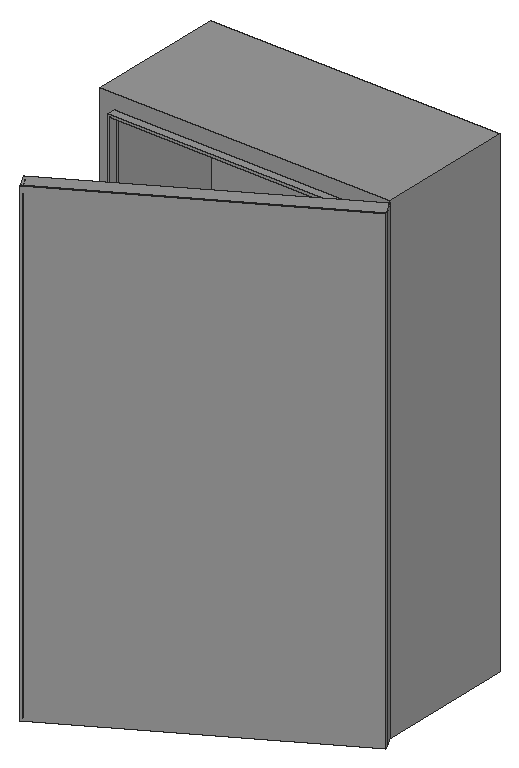
Revit family "Hager-Univers-IP44-D161-3rows-Cl.II-FWB_encl_empty-NoHosted-DE-de", category Equipement électrique, Revit 2020
Family settings
  Configuration du panneau = Deux colonnes, circuits au sein
  Cote de connecteur circulaire = Utiliser le diamètre
  Type d'élément = Tableau de raccordement
  Basée sur le plan de construction = Oui
  Toujours verticalement = Oui
  Couper avec des vides une fois chargée = Non
  Partagée = Non
  Point de calcul de pièce = Non
Parameters (values of type "Aufputz IP44 B300 H500 T161  - FWB31D")
  Width Control [instance] = if([EF000008 - Breite] > Min Width, [EF000008 - Breite], Min Width)  # 300 mm
  Commentaires du type = [HG000003 - Bereich]  # "Univers"
  Thickness Door [instance] = if([EF009171 - Materialstärke Tür/Deckel] > 3 mm, 3 mm, [EF009171 - Materialstärke Tür/Deckel])  # 2 mm
  Seal Frame Offset [instance] = 17 mm  # constant formula
  Plinth Visibility [instance] = [HG000027 - Sockelhöhe] > 0 mm  # no
  Min Width [instance] = 100 mm  # constant formula
  Min Depth [instance] = (2 * [EF009170 - Materialstärke Gehäuse]) + 1 mm  # 5 mm
  Min Height [instance] = 100 mm  # constant formula
  Internal Frame Depth [instance] = (Door System Depth * 0.5)  # 9 mm
  Panel Name [instance] = ""  # (empty or 0)
  Model = ""
  HG000027 - Sockelhöhe = 0 mm
  HG000026 - Stehend auf dem Boden = no
  HG000024 - Höhe des unteren Teils = 600 mm
  HG000023 - Gehäuse mit doppeltem Querschnitt = no
  HG000016 - 3D-Türsichtbarkeit [instance] = yes
  HG000015 - Sichtbarkeit der Türöffnung [instance] = no
  HG000014 - Tür rechts [instance] = yes
  HG000013 - Tür links [instance] = not([HG000014 - Tür rechts])  # no
  HG000012 - Türschwenkwinkel [instance] = 30.00°
  HG000010 - Asymmetrische Türen = no
  HG000009 - Doppelflügeligen Tür = no
  HG000006 - Unterputz = no
  HG000004 - Herstellerreferenz = "FWB31D"
  HG000003 - Bereich = "Univers"
  HG000002 - Mit tür = yes
  Frame Offset Bottom [instance] = 10 mm  # constant formula
  Frame Offset [instance] = 15 mm  # constant formula
  EF015940 - Deckel mit Überdruckentlastung = no
  EF011959 - Schutzart (NEMA) = ""
  EF009554 - Anzahl der Öffnungen für Flanschplatten = 2
  EF009212 - Ausführung Deckel = "EV000116 - geschlossen"
  EF009171 - Materialstärke Tür/Deckel = 2 mm
  EF009170 - Materialstärke Gehäuse = 2 mm
  EF008873 - Nennstrom (In) = 125 A
  EF007800 - Geeignet für Blitzschutz = no
  EF006306 - Mit Schloss = no
  EF006244 - Transparenter Deckel/Tür = no
  EF005474 - Schutzart (IP) = "EV006418 - IP44"
  EF004464 - Art der Tür = "EV002646 - Einzel"
  EF004427 - Anzahl der Module = 36
  EF004293 - Schlagfestigkeit = "EV006815 - IK09"
  EF003532 - Geeignet für Außengebrauch = no
  EF002950 - Breite in Teilungseinheiten = 12
  EF001613 - Funktionserhalt = "EV000494 - ohne"
  EF001596 - Werkstoff des Gehäuses = "EV000179 - Stahl"
  EF001131 - Innentiefe = 156 mm
  EF001088 - Anbaumöglichkeit = yes
  EF000437 - Anzahl der Leitungseinführungen = 4
  EF000339 - Art der Abdeckung = "EV004216 - Tür"
  EF000266 - Anzahl der Reihen = 0
  EF000218 - Einbautiefe = 0 mm
  EF000118 - Mit Montageplatte = no
  EF000116 - RAL-Nummer = "9010"
  EF000049 - Tiefe = 161 mm
  EF000040 - Höhe = 500 mm
  EF000008 - Breite = 300 mm
  EF000007 - Farbe = "EV000202 - weiß"
  EF000003 - Montageart = "EV000384 - Aufputz"
  Door System Leaf Tolerance [instance] = 1.5 mm  # constant formula
  Door System Depth [instance] = 18 mm  # constant formula
  Door Height [instance] = Height Control - [HG000027 - Sockelhöhe]  # 500 mm
  Description = ""
  Default Elevation = 1219.2 mm
  Connector Offset [instance] = Height Control / 2  # 250 mm
  Fabricant = "Hager"  # constant formula
  Height Control [instance] = if([EF000040 - Höhe] > Min Height, [EF000040 - Höhe], Min Height)  # 500 mm
  Depth Control [instance] = if([EF000049 - Tiefe] > Min Depth, [EF000049 - Tiefe], Min Depth)  # 161 mm
  Bottom Top Plate Trim [instance] = 1.5 mm  # constant formula
  Plinth height Ctrl [instance] = if([HG000027 - Sockelhöhe] > 0 mm, [HG000027 - Sockelhöhe], 12 mm)  # 12 mm
Reference planes
  plane 1 "Center (Front/Back)": y = 0
  plane 2: z = 0
  plane 3 "Center (Left/Right)": x = 0
  plane 4: y = 0
  plane 5: y = 0
  plane 6: z = 0
  plane 7: x = -150
  plane 8: x = 150
  plane 9: x = 148
  plane 10: x = -148
  plane 11: z = 0
  plane 12: z = 2
  plane 13: y = -161
  plane 14: y = -2
  plane 15: x = 0
  plane 16: y = -143
  plane 17: y = -159
  plane 18: y = -141
  plane 19: x = -133
  plane 20: x = 133
  plane 21: z = 12
  plane 22: x = -133
  plane 23: x = 133
  plane 24: z = 0
  plane 25: z = 500
  plane 26: z = 500
  plane 27: z = 483
  plane 28: z = 498
Forms (mm)
  Extrusion 1, solid, material "Hager_Steel_RAL7035_Light_Grey", detail levels medium+fine
    sketch origin (-208.679, -4572, 0) x (-1, 0, 0) y (0, -1, 0)
      loop
        line (-58.679, -4429) -> (-358.679, -4429) -> (-358.679, -4572) -> (-58.679, -4572) -> (-58.679, -4429)
    from 0 to 500
  Extrusion 2, void
    sketch origin (-350.771, -161, 1219.2) x (1, 0, 0) y (0, 0, 1)
      loop
        line (202.771, -721.2) -> (202.771, -1217.2) -> (498.771, -1217.2) -> (498.771, -721.2) -> (202.771, -721.2)
    from -20 to -159
  Extrusion 3, void
    sketch origin (-290.084, -143, 1219.2) x (1, 0, 0) y (0, 0, 1)
      loop
        line (157.084, -1207.2) -> (423.084, -1207.2) -> (423.084, -736.2) -> (157.084, -736.2) -> (157.084, -1207.2)
    from 0 to -2
  Extrusion 4, solid, material "Hager_Steel_RAL7035_Light_Grey", visible <- "Plinth Visibility", detail levels medium+fine
    sketch origin (0, 0, 0) x (1, 0, 0) y (0, 1, 0)
      loop
        line (-150, 0) -> (-150, -143) -> (150, -143) -> (150, 0) -> (-150, 0)
    from 0 to 12 <- "Plinth height Ctrl"
  Extrusion 5, solid, material "Hager_Steel_RAL7035_Light_Grey", detail levels coarse
    sketch origin (0, 0, 0) x (1, 0, 0) y (0, 1, 0)
      loop
        line (-150, 0) -> (-150, -161) -> (150, -161) -> (150, 0) -> (-150, 0)
    from 0 to 500 <- "Height Control"
  Sweep 6, void
    path in 3D
      loop
        line (-150, -143, 12) -> (150, -143, 12) -> (150, 0, 12) -> (-150, 0, 12) -> (-150, -143, 12)
    profile origin (-150, -71.5, 12) x (1, 0, 0) y (0, 0, 1)
      loop
        line (0, 0) -> (0, -1.5) -> (1.5, -1.5)
        arc (1.5, -1.5) -> (1.061, -0.439) -> (0, 0) r 1.5
  Extrusion 7, solid, material "Hager_Steel_RAL7035_Light_Grey", detail levels fine
    sketch origin (-150, -143, 0) x (1, 0, 0) y (0, 0, 1)
      loop
        line (17, 12) -> (283, 12) -> (283, 483) -> (17, 483) -> (17, 12)
      loop
        line (15, 10) -> (285, 10) -> (285, 485) -> (15, 485) -> (15, 10)
    from 0 to 9 <- "Internal Frame Depth"
Cuts and joins
  Extrusion 2, Extrusion 3 cuts Extrusion 1
  Sweep 6 cuts Extrusion 4
Lines and regions (mm)
  Masking region 1
    outline origin (0, 0, 0) x (1, 0, 0) y (0, 1, 0)
      loop
        line (-150, 0) -> (-150, -161) -> (150, -161) -> (150, 0) -> (-150, 0)
  Masking region 2, detail levels coarse
    outline origin (-290.084, -143, 1219.2) x (-1, 0, 0) y (0, 0, 1)
      loop
        line (-440.084, -1219.2) -> (-140.084, -1219.2) -> (-140.084, -719.2) -> (-440.084, -719.2) -> (-440.084, -1219.2)
  Masking region 3, detail levels coarse
    outline origin (0, 0, 0) x (0, 1, 0) y (0, 0, 1)
      loop
        line (0, 0) -> (0, 500) -> (-161, 500) -> (-161, 0) -> (0, 0)
  Masking region 4, visible <- "Plinth Visibility", detail levels medium+fine
    outline origin (0, 0, 0) x (0, 1, 0) y (0, 0, 1)
      loop
        line (-1.5, 12) -> (-141.5, 12)
        arc (-141.5, 12) -> (-141.939, 10.939) -> (-143, 10.5) r 1.5
        line (-143, 10.5) -> (-143, 0) -> (0, 0) -> (0, 10.5)
        arc (0, 10.5) -> (-1.061, 10.939) -> (-1.5, 12) r 1.5
  Masking region 5, detail levels medium+fine
    outline origin (0, 0, 594.038) x (0, 1, 0) y (0, 0, 1)
      loop
        line (0, -594.038) -> (0, -94.038) -> (-143, -94.038) -> (-143, -594.038) -> (0, -594.038)
  Masking region 6, detail levels medium+fine
    outline origin (-359.7, -143, 1211.883) x (-1, 0, 0) y (0, 0, 1)
      loop
        line (-509.7, -1211.883) -> (-209.7, -1211.883) -> (-209.7, -711.883) -> (-509.7, -711.883) -> (-509.7, -1211.883)
  Masking region 7, visible <- "Plinth Visibility", detail levels medium+fine
    outline origin (-320.334, -143, 1041.368) x (-1, 0, 0) y (0, 0, 1)
      loop
        line (-470.334, -1041.368) -> (-170.334, -1041.368) -> (-170.334, -1030.868)
        arc (-170.334, -1030.868) -> (-171.394, -1030.429) -> (-171.834, -1029.368) r 1.5
        line (-171.834, -1029.368) -> (-468.834, -1029.368)
        arc (-468.834, -1029.368) -> (-469.273, -1030.429) -> (-470.334, -1030.868) r 1.5
        line (-470.334, -1030.868) -> (-470.334, -1041.368)
  sketch lines
    curve 1: line (-150, 0, 12) -> (-150, -143, 12)
    curve 2: line (-150, -143, 12) -> (150, -143, 12)
    curve 3: line (150, 0, 12) -> (-150, 0, 12)
    curve 4: line (150, -143, 12) -> (150, 0, 12)
Dimensions and locks
  locked: plane 1 "Center (Front/Back)" to plane 5
  "EF009170 - Materialstärke Gehäuse": plane 7 to plane 10
  "EF009170 - Materialstärke Gehäuse": plane 8 to plane 9
  equal spacing: plane 7, plane 3 "Center (Left/Right)", plane 8
  "Width Control": plane 7 to plane 8
  "Depth Control": plane 4 to plane 13
  "EF009170 - Materialstärke Gehäuse": plane 4 to plane 14
  "Height Control": plane 25 to level
  "HG000027 - Sockelhöhe": plane 11 to level
  "EF009170 - Materialstärke Gehäuse": plane 12 to plane 11
  "EF009170 - Materialstärke Gehäuse": plane 17 to plane 13
  "EF009170 - Materialstärke Gehäuse": plane 18 to plane 16
  "Frame Offset Bottom": plane 21 to plane 12
  "Frame Offset": plane 10 to plane 19
  "Frame Offset": plane 9 to plane 20
  "Door System Depth": plane 16 to plane 13
  "Seal Frame Offset": plane 7 to plane 22
  "Seal Frame Offset": plane 8 to plane 23
  "EF009170 - Materialstärke Gehäuse": plane 26 to plane 28
  "Frame Offset": plane 28 to plane 27
  "Connector Offset": plane 2 to connector elem
  "Bottom Top Plate Trim": profile plane to Sweep 6 sketch curve
  "Bottom Top Plate Trim": Sweep 6 sketch curve to Sweep 6 sketch curve
  "Plinth height Ctrl": Masking region 4 sketch curve to level
  "Plinth height Ctrl": Masking region 7 sketch curve to level
  "Thickness Door": Extrusion 7 sketch curve to Extrusion 7 sketch curve  (x4)
  "Bottom Top Plate Trim": radius of Sweep 6 sketch curve
  "Bottom Top Plate Trim": radius of Masking region 4 sketch curve  (x2)
  "Bottom Top Plate Trim": radius of Masking region 7 sketch curve  (x2)
  aligned and locked: plane 12 to Extrusion 2 sketch curve
  aligned and locked: Extrusion 2 sketch curve to plane 9
  aligned and locked: Extrusion 2 sketch curve to plane 10
  aligned and locked: plane 14 to Extrusion 2
  aligned and locked: plane 4 to Extrusion 1 sketch curve
  aligned and locked: plane 8 to Extrusion 1 sketch curve
  aligned and locked: plane 7 to Extrusion 1 sketch curve
  aligned and locked: Extrusion 2 to plane 18
  aligned and locked: plane 19 to Extrusion 3 sketch curve
  aligned and locked: plane 20 to Extrusion 3 sketch curve
  aligned and locked: Extrusion 3 to Extrusion 2
  aligned and locked: Extrusion 3 sketch curve to plane 21
  aligned and locked: plane 3 "Center (Left/Right)" to nested 1
  aligned and locked: Extrusion 1 sketch curve to plane 16
  aligned and locked: Extrusion 4 sketch curve to cut or joined group of Extrusion 1, Extrusion 2, Extrusion 3
  aligned and locked: Masking region 1 sketch curve to plane 7
  aligned and locked: Masking region 1 sketch curve to plane 5
  aligned and locked: Masking region 1 sketch curve to plane 8
  aligned and locked: Masking region 2 sketch curve to level
  aligned and locked: level to Masking region 3 sketch curve
  aligned and locked: plane 1 "Center (Front/Back)" to Masking region 3 sketch curve
  aligned and locked: plane 13 to Masking region 3 sketch curve
  aligned and locked: plane 5 to Masking region 4 sketch curve
  aligned and locked: Masking region 2 sketch curve to plane 8
  aligned and locked: Masking region 2 sketch curve to plane 7
  aligned and locked: plane 7 to nested 2
  aligned and locked: nested 2 to plane 5
  aligned and locked: plane 5 to Masking region 5 sketch curve
  aligned and locked: plane 26 to Masking region 5 sketch curve
  aligned and locked: Extrusion 5 sketch curve to plane 8
  aligned and locked: Extrusion 5 sketch curve to plane 7
  aligned and locked: Extrusion 5 sketch curve to plane 5
  aligned and locked: plane 27 to Extrusion 3 sketch curve
  aligned and locked: Extrusion 2 sketch curve to plane 28
  aligned and locked: Masking region 2 to plane 25
  aligned and locked: Extrusion 4 to plane 16
  aligned and locked: profile plane to Sweep 6 sketch curve
  aligned and locked: Masking region 5 sketch curve to plane 24
  aligned and locked: level to Masking region 4 sketch curve
  aligned and locked: Masking region 1 to plane 13
  aligned and locked: nested 1 to plane 16
  aligned and locked: Masking region 3 to plane 25
  aligned and locked: plane 16 to Masking region 4 sketch curve
  aligned and locked: Masking region 5 sketch curve to plane 16
  aligned and locked: plane 24 to plane 11
  aligned and locked: plane 26 to plane 25
  aligned and locked: plane 26 to cut or joined group of Extrusion 1, Extrusion 2, Extrusion 3
  aligned and locked: nested 1 to plane 24
  aligned and locked: Extrusion 1 to Extrusion 3
  aligned and locked: Masking region 6 sketch curve to plane 8
  aligned and locked: plane 24 to Masking region 6 sketch curve
  aligned and locked: Masking region 6 sketch curve to plane 7
  aligned and locked: Masking region 6 sketch curve to plane 26
  aligned and locked: Masking region 7 sketch curve to plane 7
  aligned and locked: level to Masking region 7 sketch curve
  aligned and locked: Masking region 7 sketch curve to plane 8
  aligned and locked: Extrusion 7 sketch curve to cut or joined group of Extrusion 1, Extrusion 2, Extrusion 3  (x4)
Automatic sketch dimensions
  plane 19 to Extrusion 3 sketch curve = 0 mm
  Extrusion 3 sketch curve to plane 20 = 0 mm
  Extrusion 3 sketch curve to plane 21 = 0 mm
  Extrusion 4 sketch curve to plane 7 = 0 mm
  Extrusion 4 sketch curve to plane 8 = 0 mm
  Extrusion 4 sketch curve to plane 16 = 0 mm
  Masking region 1 sketch curve to plane 13 = 0 mm
  Masking region 2 sketch curve to plane 25 = 0 mm
  Masking region 3 sketch curve to plane 25 = 0 mm
  Extrusion 5 sketch curve to plane 13 = 0 mm
  profile plane to Sweep 6 sketch curve = 0 mm
Nested families
  nested 1: "EC000058_Univers_Door" at (0, -143, 0), Double <- "HG000009 - Doppelflügeligen Tür", Transparent <- "EF006244 - Transparenter Deckel/Tür", Angle <- "HG000012 - Türschwenkwinkel", Door_Right <- "HG000014 - Tür rechts", Assymetrical <- "HG000010 - Asymmetrische Türen", Door <- "HG000002 - Mit tür", Width_Ctrl <- "Width Control", 3d_Door <- "HG000016 - 3D-Türsichtbarkeit", Clearance <- "HG000015 - Sichtbarkeit der Türöffnung", Door_Left <- "HG000013 - Tür links", Width <- "Width Control", Door_Depth <- "Door System Depth", Leaf_Tolerance <- "Door System Leaf Tolerance", Height <- "Door Height", Lock_Visibility <- "EF006306 - Mit Schloss", Thickness <- "Thickness Door", type "EC000058_Univers_Door", detail levels medium+fine
    with min_wh 5 mm, Width_Ctrl 300 mm, Width 300 mm, Transparent no, Thickness 2 mm, Seal_Material Hager_Rubber, Lock_Visibility no, Lock_Material Hager_Plastic_RAL9005_Jet_Black, Leaf_Width 300 mm, Leaf_Tolerance_External_Sides 0 mm, Leaf_Tolerance 1.5 mm, Leaf_Offset 0 mm, Leaf_Height 497 mm, Leaf_2_Width 300 mm, Leaf_2_Offset 150 mm, Leaf_1_Width 300 mm, Leaf_1_Offset 150 mm, Height_Ctrl 500 mm, Height 500 mm, Glass_Material Hager_Glass, Double_Clearance_Ctrl no, Double no, Door_Right_Ctrl yes, Door_Right yes, Door_Material Hager_Steel_RAL7035_Light_Grey, Door_Left_Ctrl no, Door_Left no, Door_Depth 18 mm, Door yes, Clearance_Material Hager_Clearance, Clearance_Depth 300 mm, Clearance_Ctrl no, Clearance no, Assymetrical no, Angle 30.00°, 3d_Door yes
  nested 2: "Hager_Enclosure_Symbol" at (-150, 0, 0), Height <- "Depth Control", Width <- "Width Control", type "Hager_Enclosure_Symbol"
    with Width_Ctrl 300 mm, Width 300 mm, Height_Ctrl 161 mm, Height 161 mm, A_Width_Int 10.566 mm, A_Width 126.788 mm, A_Height_Ctrl 140.875 mm, A_Height 140.875 mm
Connectors
  electrical at (0, 0, 250)
    settings: on plane 1 "Center (Front/Back)", index 1, voltage 0 V, apparent load 0 VA, apparent load phase1 0 VA, apparent load phase2 0 VA, apparent load phase3 0 VA, power factor 1, load classification "Other", number of poles 1, system type 30, power factor state 1, is connector primary yes, connector utility no, sub classification motor no, connector description ""
Definition of nested family "EC000058_Univers_Door"
  Parameters (values of type "EC000058_Univers_Door")
    min_wh [instance] = (2 * Thickness) + 1 mm  # 11 mm
    Width_Ctrl [instance] = 400 mm
    Width [instance] = 500 mm
    Transparent [instance] = yes
    Thickness [instance] = 5 mm
    Seal_Material [instance] = none
    Lock_Visibility [instance] = yes
    Lock_Material [instance] = none
    Leaf_Width [instance] = if((Width_Ctrl - 2 * Leaf_Tolerance_External_Sides) > 0 mm, (Width_Ctrl - 2 * Leaf_Tolerance_External_Sides), min_wh)  # 400 mm
    Leaf_Tolerance_External_Sides [instance] = 0 mm  # constant formula
    Leaf_Tolerance [instance] = 1.5 mm
    Leaf_Offset [instance] = 0 mm  # constant formula
    Leaf_Height [instance] = if((Height_Ctrl - 2 * Leaf_Tolerance) > 0 mm, (Height_Ctrl - 2 * Leaf_Tolerance), min_wh)  # 497 mm
    Leaf_2_Width [instance] = if(and(and(Double, Assymetrical), Door_Left), (Leaf_Width / 3) - (Leaf_Tolerance / 2), if(and(and(Double, Assymetrical), Door_Right), (Leaf_Width / 3) * 2 - (Leaf_Tolerance / 2), if(and(Double, not(Assymetrical)), (Leaf_Width / 2) - Leaf_Tolerance, Leaf_Width)))  # 400 mm
    Leaf_2_Offset [instance] = if(and(Double, Assymetrical), Leaf_2_Width / 2, if(and(Double, not(Assymetrical)), Leaf_Width / 4, Leaf_Width / 2))  # 200 mm
    Leaf_1_Width [instance] = if(and(and(Double, Assymetrical), Door_Right), (Leaf_Width / 3) - (Leaf_Tolerance / 2), if(and(and(Double, Assymetrical), Door_Left), (Width / 3) * 2 - (Leaf_Tolerance / 2), if(and(Double, not(Assymetrical)), (Leaf_Width / 2) - Leaf_Tolerance, Leaf_Width)))  # 400 mm
    Leaf_1_Offset [instance] = if(and(Double, Assymetrical), Leaf_1_Width / 2, if(and(Double, not(Assymetrical)), Leaf_Width / 4, Leaf_Width / 2))  # 200 mm
    Height_Ctrl [instance] = if(Height > min_wh, Height, min_wh)  # 500 mm
    Height [instance] = 500 mm
    Glass_Material [instance] = none
    Double_Clearance_Ctrl [instance] = and(Double, Clearance)  # no
    Double [instance] = no
    Door_Right_Ctrl [instance] = and(or(Door_Right, Double), Door)  # yes
    Door_Right [instance] = yes
    Door_Material [instance] = none
    Door_Left_Ctrl [instance] = and(or(Door_Left, Double), Door)  # no
    Door_Left [instance] = no
    Door_Depth [instance] = 30 mm
    Door [instance] = yes
    Default Elevation = 1219.2 mm
    Clearance_Material [instance] = none
    Clearance_Depth [instance] = if(Leaf_1_Width > Leaf_2_Width, Leaf_1_Width, Leaf_2_Width)  # 400 mm
    Clearance_Ctrl [instance] = and(not(Double), Clearance)  # yes
    Clearance [instance] = yes
    Assymetrical [instance] = yes
    Angle [instance] = 30.00°
    3d_Door [instance] = yes
  Reference planes
    plane 1 "Center (Front/Back)": y = 0
    plane 2 "Bottom": z = 0
    plane 3 "Center (Left/Right)": x = 0
    plane 4: z = 500
    plane 5: x = -200
    plane 6: x = 200
    plane 7: z = 500
    plane 8: x = -200
    plane 9: z = 0
    plane 10: x = 200
    plane 11: y = 0
    plane 12: z = 1.5
    plane 13: x = -600
    plane 14: y = -400
    plane 15: x = 600
    plane 16: x = 0
    plane 17: x = 0
    plane 18: x = -200
    plane 19: x = 200
    plane 20: z = 498.5
  Forms (mm)
    Extrusion 1, solid, material <- "Clearance_Material", visible <- "Double_Clearance_Ctrl"
      sketch origin (1200, 0, 0) x (1, 0, 0) y (0, 0, -1)
        loop
          line (-1800, -498.5) -> (-600, -498.5) -> (-600, 0) -> (-1800, 0) -> (-1800, -498.5)
      from 0 to -400
  Dimensions and locks
    equal spacing: plane 5, plane 3 "Center (Left/Right)", plane 6
    "Width_Ctrl": plane 5 to plane 6
    "Leaf_Offset": plane 5 to plane 8
    "Leaf_Offset": plane 6 to plane 10
    "Leaf_Offset": plane 9 to level
    "Leaf_Offset": plane 4 to plane 7
    "Height_Ctrl": plane 4 to level
    "Leaf_Tolerance": plane 12 to plane 9
    locked: plane 11 to plane 1 "Center (Front/Back)"
    "Leaf_1_Offset": plane 18 to plane 16
    "Leaf_2_Offset": plane 17 to plane 19
    "Leaf_1_Width": plane 13 to plane 8
    "Leaf_2_Width": plane 10 to plane 15
    "Clearance_Depth": plane 14 to plane 1 "Center (Front/Back)"
    "Leaf_Tolerance_External_Sides": plane 8 to plane 18
    "Leaf_Tolerance_External_Sides": plane 19 to plane 10
    "Leaf_Tolerance": plane 7 to plane 20
    aligned and locked: level to plane 2 "Bottom"
    aligned and locked: nested 1 to plane 16
    aligned and locked: nested 2 to plane 17
    aligned and locked: Extrusion 1 to plane 13
    aligned and locked: plane 15 to Extrusion 1
    aligned and locked: Extrusion 1 to plane 14
    aligned and locked: plane 12 to nested 1
    aligned and locked: nested 2 to plane 12
    aligned and locked: Extrusion 1 to plane 11
    aligned and locked: plane 20 to Extrusion 1
    aligned and locked: nested 2 to plane 11
    aligned and locked: nested 1 to plane 11
  Automatic sketch dimensions
    Extrusion 1 sketch curve to level = 0 mm
    plane 5 to Extrusion 1 sketch curve = 400 mm
    plane 6 to Extrusion 1 sketch curve = 400 mm
    Extrusion 1 sketch curve to plane 4 = 1.5 mm
  Nested families
    nested 1: "EC000058_Univers_Door_Leaf" at (0, 0, 1.5), Width <- "Leaf_1_Width", visible <- "Door_Left_Ctrl", Leaf_Height <- "Leaf_Height", Angle <- "Angle", 3d_Door <- "3d_Door", Transparent <- "Transparent", Clearance Material <- "Clearance_Material", Clearance <- "Clearance_Ctrl", Door_Material <- "Door_Material", Glass_Material <- "Glass_Material", Door_Depth <- "Door_Depth", Lock_Material <- "Lock_Material", Seal_Material <- "Seal_Material", Lock_Visibility <- "Lock_Visibility", Thickness <- "Thickness", type "EC000058_Univers_Door_Leaf"
      with Width 400 mm, Transparent_Glass_Offset 30 mm, Transparent_Ctrl yes, Transparent yes, Thickness 5 mm, Standard no, Seal_Material none, Seal_D2 8 mm, Seal_D1 1 mm, Offset_Internal_Frame 10 mm, Lock_Width 20 mm, Lock_Visibility_3d yes, Lock_Visibility yes, Lock_Thickness_3 3 mm, Lock_Thickness_2 1 mm, Lock_Thickness_1 3 mm, Lock_Radius_Offset_2 16 mm, Lock_Radius_Offset_1 15 mm, Lock_Radius_2 5 mm, Lock_Radius 6 mm, Lock_Offset 5 mm, Lock_Material none, Lock_Height 80 mm, Lock_Cover_Top_Offset_2d 17 mm, Lock_Cover_Height -65 mm, Leaf_Height 497 mm, Internal_Seal_Thickness 8 mm, Internal_Seal_Depth_2 4.5 mm, Internal_Frame_Depth 25 mm, Glass_Thickness -1 mm, Glass_Offset -2 mm, Glass_Material none, Door_Material none, Door_Depth 30 mm, Clearance Material none, Clearance yes, Angle_Ctrl 30.00°, Angle 30.00°, 3d_Door yes
    nested 2: "EC000058_Univers_Door_Leaf" at (0, 0, 1.5) x (-1, 0, 0) z (0, 0, 1), Width <- "Leaf_2_Width", visible <- "Door_Right_Ctrl", Leaf_Height <- "Leaf_Height", Angle <- "Angle", 3d_Door <- "3d_Door", Transparent <- "Transparent", Clearance Material <- "Clearance_Material", Clearance <- "Clearance_Ctrl", Door_Material <- "Door_Material", Glass_Material <- "Glass_Material", Door_Depth <- "Door_Depth", Lock_Material <- "Lock_Material", Seal_Material <- "Seal_Material", Lock_Visibility <- "Lock_Visibility", Thickness <- "Thickness", type "EC000058_Univers_Door_Leaf"
      with Width 400 mm, Transparent_Glass_Offset 30 mm, Transparent_Ctrl yes, Transparent yes, Thickness 5 mm, Standard no, Seal_Material none, Seal_D2 8 mm, Seal_D1 1 mm, Offset_Internal_Frame 10 mm, Lock_Width 20 mm, Lock_Visibility_3d yes, Lock_Visibility yes, Lock_Thickness_3 3 mm, Lock_Thickness_2 1 mm, Lock_Thickness_1 3 mm, Lock_Radius_Offset_2 16 mm, Lock_Radius_Offset_1 15 mm, Lock_Radius_2 5 mm, Lock_Radius 6 mm, Lock_Offset 5 mm, Lock_Material none, Lock_Height 80 mm, Lock_Cover_Top_Offset_2d 17 mm, Lock_Cover_Height -65 mm, Leaf_Height 497 mm, Internal_Seal_Thickness 8 mm, Internal_Seal_Depth_2 4.5 mm, Internal_Frame_Depth 25 mm, Glass_Thickness -1 mm, Glass_Offset -2 mm, Glass_Material none, Door_Material none, Door_Depth 30 mm, Clearance Material none, Clearance yes, Angle_Ctrl 30.00°, Angle 30.00°, 3d_Door yes
  Definition of nested family "EC000058_Univers_Door_Leaf"
    Parameters (values of type "EC000058_Univers_Door_Leaf")
      Width [instance] = 2000 mm
      Transparent_Glass_Offset [instance] = 30 mm
      Transparent_Ctrl [instance] = and(Transparent, [3d_Door])  # yes
      Transparent [instance] = yes
      Thickness [instance] = 5 mm
      Standard [instance] = and(not(Transparent), [3d_Door])  # no
      Seal_Material [instance] = none
      Seal_D2 [instance] = 8 mm  # constant formula
      Seal_D1 [instance] = 1 mm  # constant formula
      Offset_Internal_Frame [instance] = 10 mm  # constant formula
      Lock_Width [instance] = 20 mm  # constant formula
      Lock_Visibility_3d [instance] = and(Lock_Visibility, [3d_Door])  # yes
      Lock_Visibility [instance] = yes
      Lock_Thickness_3 [instance] = 3 mm  # constant formula
      Lock_Thickness_2 [instance] = 1 mm  # constant formula
      Lock_Thickness_1 [instance] = 3 mm  # constant formula
      Lock_Radius_Offset_2 [instance] = Lock_Radius_Offset_1 + 1 mm  # 16 mm
      Lock_Radius_Offset_1 [instance] = 15 mm  # constant formula
      Lock_Radius_2 [instance] = Lock_Radius - 1 mm  # 5 mm
      Lock_Radius [instance] = 6 mm  # constant formula
      Lock_Offset [instance] = 5 mm  # constant formula
      Lock_Material [instance] = none
      Lock_Height [instance] = 80 mm  # constant formula
      Lock_Cover_Top_Offset_2d [instance] = Lock_Radius_Offset_2 + 1 mm  # 17 mm
      Lock_Cover_Height [instance] = -(Lock_Height - Lock_Radius_Offset_1)  # -65 mm
      Leaf_Height [instance] = 2720.336 mm
      Internal_Seal_Thickness [instance] = 8 mm  # constant formula
      Internal_Seal_Depth_2 [instance] = 4.5 mm  # constant formula
      Internal_Frame_Depth [instance] = if(Door_Depth - Thickness > 5 mm, Door_Depth - Thickness, 5 mm)  # 25 mm
      Glass_Thickness [instance] = if(Thickness > 15 mm, Glass_Offset + 10 mm, -1 mm)  # -1 mm
      Glass_Offset [instance] = if(Thickness > 15 mm, -(Thickness + 10 mm) / 2, -2 mm)  # -2 mm
      Glass_Material [instance] = none
      Door_Material [instance] = none
      Door_Depth [instance] = 30 mm
      Default Elevation = 0 mm
      Clearance Material [instance] = none
      Clearance [instance] = yes
      Angle_Ctrl [instance] = if(Angle > 180.00°, 180.00°, Angle)  # 90.00°
      Angle [instance] = 90.00°
      3d_Door [instance] = yes
    Reference planes
      plane 1 "Center (Front/Back)": y = 0
      plane 2: z = 0
      plane 3 "Center (Left/Right)": x = 0
      plane 4: y = 2000
      plane 5: x = -1000
      plane 6: x = 1000
      plane 7: x = -3000
      plane 8: z = 2720.336
      plane 9: z = 30
      plane 10: z = 2690.336
      plane 11: x = 970
      plane 12: x = -970
      plane 13: y = -3
      plane 14: z = 107.833
      plane 15: y = -5
      plane 16: y = -223.314
      plane 17: x = -1000
      plane 18: z = 1360.168
      plane 19: y = 30
    Forms (mm)
      Extrusion 1, solid, material <- "Clearance Material", visible <- "Clearance"
        sketch origin (0, 0, 0) x (1, 0, 0) y (0, 0, 1)
          loop
            line (-3000, 2720.336) -> (-3000, 0) -> (1000, 0) -> (1000, 2720.336) -> (-3000, 2720.336)
        from 0 to -2000
      Extrusion 2, solid, material <- "Door_Material", visible <- "Standard", detail levels medium+fine
        sketch origin (-1000, 0, 0) x (0, 1, 0) y (-1, 0, 0)
          loop
            line (0, 30) -> (0, 25) -> (2000, 25) -> (2000, 30) -> (0, 30)
        from 0 to 2720.336 <- "Leaf_Height"
      Extrusion 3, solid, material <- "Door_Material", visible <- "Transparent_Ctrl", detail levels medium+fine
        sketch origin (-1000, 0, 0) x (0, 1, 0) y (-1, 0, 0)
          loop
            line (0, 25) -> (2000, 25) -> (2000, 30) -> (0, 30) -> (0, 25)
        from 0 to 2720.336 <- "Leaf_Height"
      Extrusion 4, void
        sketch origin (-1025, 2000, 0) x (0, 1, 0) y (0, 0, -1)
          loop
            line (-30, -2690.336) -> (-30, -30) -> (-1970, -30) -> (-1970, -2690.336) -> (-30, -2690.336)
        from 0 to 5 <- "Thickness"
      Sweep 5, solid, material <- "Seal_Material", visible <- "Transparent_Ctrl", detail levels fine
        path in 3D
          loop
            line (-1025, 30, 30) -> (-1025, 30, 2690.336) -> (-1025, 1970, 2690.336) -> (-1025, 1970, 30) -> (-1025, 30, 30)
        profile origin (-1025, 1000, 30) x (1, 0, 0) y (0, 0, 1)
          loop
            line (0, 0) -> (0, -8) -> (1, -8) -> (1, 0) -> (0, 0)
      Extrusion 6, solid, material <- "Glass_Material", visible <- "Transparent_Ctrl", detail levels medium+fine
        sketch origin (-1030, 0, 0) x (0, 1, 0) y (0, 0, -1)
          loop
            line (1970, -2690.336) -> (1970, -30) -> (30, -30) -> (30, -2690.336) -> (1970, -2690.336)
        from -2 <- "Glass_Offset" to -1 <- "Glass_Thickness"
      Extrusion 7, solid, material <- "Door_Material", visible <- "3d_Door", detail levels medium+fine
        sketch origin (-1025, 2000, 0) x (0, -1, 0) y (0, 0, -1)
          loop
            line (0, -2720.336) -> (2000, -2720.336) -> (2000, 0) -> (0, 0) -> (0, -2720.336)
          loop
            line (1995, -5) -> (5, -5) -> (5, -2715.336) -> (1995, -2715.336) -> (1995, -5)
        from 0 to 25 <- "Internal_Frame_Depth"
      Sweep 8, solid, material <- "Seal_Material", visible <- "Transparent_Ctrl", detail levels fine
        path in 3D
          loop
            line (-1025, 0, 0) -> (-1025, 2000, 0) -> (-1025, 2000, 2720.336) -> (-1025, 0, 2720.336) -> (-1025, 0, 0)
        profile origin (-1025, 0, 1360.168) x (1, 0, 0) y (0, 1, 0)
          loop
            line (0, 10) -> (2.975, 10)
            arc (2.975, 10) -> (4.053, 10.447) -> (4.5, 11.525) r 1.525
            line (4.5, 11.525) -> (4.5, 16.527)
            arc (4.5, 16.527) -> (4.069, 17.569) -> (3.027, 18) r 1.473
            line (3.027, 18) -> (0, 18) -> (0, 10)
      Extrusion 9, solid, material <- "Lock_Material", visible <- "Lock_Visibility_3d", detail levels fine
        sketch origin (-1030, 0, 0) x (0, 1, 0) y (0, 0, -1)
          loop
            arc (1993.5, -1400.168) -> (1994.561, -1399.729) -> (1995, -1398.668) r 1.5
            line (1995, -1398.668) -> (1995, -1320.168) -> (1975, -1320.168) -> (1975, -1398.668)
            arc (1975, -1398.668) -> (1975.439, -1399.729) -> (1976.5, -1400.168) r 1.5
            line (1976.5, -1400.168) -> (1993.5, -1400.168)
        from 3 <- "Lock_Thickness_1" to 0
      Blend 10, solid, material <- "Lock_Material", visible <- "Lock_Visibility_3d", detail levels fine
        base sketch origin (-1033, 0, 0) x (0, 1, 0) y (0, 0, -1)
          loop
            line (1975, -1320.168) -> (1975, -1398.668)
            arc (1975, -1398.668) -> (1975.439, -1399.729) -> (1976.5, -1400.168) r 1.5
            line (1976.5, -1400.168) -> (1993.5, -1400.168)
            arc (1993.5, -1400.168) -> (1994.561, -1399.729) -> (1995, -1398.668) r 1.5
            line (1995, -1398.668) -> (1995, -1320.168) -> (1975, -1320.168)
        top sketch origin (-1033, 0, 0) x (0, 1, 0) y (0, 0, -1)
          loop
            line (1976, -1320.168) -> (1976, -1398.668)
            arc (1976, -1398.668) -> (1976.146, -1399.022) -> (1976.5, -1399.168) r 0.5
            line (1976.5, -1399.168) -> (1993.5, -1399.168)
            arc (1993.5, -1399.168) -> (1993.854, -1399.022) -> (1994, -1398.668) r 0.5
            line (1994, -1398.668) -> (1994, -1320.168) -> (1976, -1320.168)
        from 0 to 1 <- "Lock_Thickness_2"
      Blend 11, solid, material <- "Lock_Material", visible <- "Lock_Visibility_3d", detail levels fine
        base sketch origin (-1034, 0, 0) x (0, 1, 0) y (0, 0, -1)
          loop
            line (1978, -1320.168) -> (1978, -1384.168)
            arc (1978, -1384.168) -> (1985, -1391.168) -> (1992, -1384.168) r 7
            line (1992, -1384.168) -> (1992, -1320.168) -> (1978, -1320.168)
        top sketch origin (-1034, 0, 0) x (0, 1, 0) y (0, 0, -1)
          loop
            line (1991, -1320.168) -> (1979, -1320.168) -> (1979, -1383.168)
            arc (1979, -1383.168) -> (1985, -1389.168) -> (1991, -1383.168) r 6
            line (1991, -1383.168) -> (1991, -1320.168)
        from 0 to 3 <- "Lock_Thickness_3"
      Extrusion 12, solid, material <- "Lock_Material", visible <- "Lock_Visibility_3d", detail levels fine
        sketch origin (-1030, 1975, 1320.168) x (1, 0, 0) y (0, -1, 0)
          loop
            line (-7, -19) -> (-7, -1) -> (0, -1) -> (0, 0) -> (-8, 0) -> (-8, -20) -> (0, -20) -> (0, -19) -> (-7, -19)
        from 0 to -65 <- "Lock_Cover_Height"
      Extrusion 13, void
        sketch origin (-1038, 1995, 1320.168) x (-1, 0, 0) y (0, 0, -1)
          loop
            line (-5, -65) -> (0, -65) -> (-5, -60) -> (-5, -65)
        from 0 to 20 <- "Lock_Width"
      Extrusion 14, void
        sketch origin (-1038, 1975, 1320.168) x (0, -1, 0) y (0, 0, -1)
          loop
            circle (-10, -15.995) r 6
          loop
            circle (-10, -15.995) r 5
        from 0 to 2
      Extrusion 15, solid, material <- "Lock_Material", visible <- "Lock_Visibility_3d", detail levels medium
        sketch origin (-1030, 0, 0) x (0, 1, 0) y (0, 0, -1)
          loop
            arc (1993.5, -1400.168) -> (1994.561, -1399.729) -> (1995, -1398.668) r 1.5
            line (1995, -1398.668) -> (1995, -1320.168) -> (1975, -1320.168) -> (1975, -1398.668)
            arc (1975, -1398.668) -> (1975.439, -1399.729) -> (1976.5, -1400.168) r 1.5
            line (1976.5, -1400.168) -> (1993.5, -1400.168)
        from 8 to 0
    Cuts and joins
      Extrusion 4 cuts Extrusion 3
      Extrusion 13, Extrusion 14 cuts Extrusion 9
      Extrusion 14 cuts Blend 11
      Extrusion 13, Extrusion 14 cuts Extrusion 12
      joined: Extrusion 9, Blend 10, Blend 11, Extrusion 12
      Extrusion 14 cuts Extrusion 15
    Lines and regions (mm)
      Masking region 1, visible <- "Lock_Visibility", detail levels fine
        outline origin (0, 0, 0) x (0, 1, 0) y (0, 0, 1)
          loop
            line (30, 1320.168) -> (33, 1320.168) -> (33, 1400.168) -> (30, 1400.168) -> (30, 1320.168)
      Masking region 2, visible <- "Lock_Visibility", detail levels fine
        outline origin (0, 3.143, 0) x (0, 1, 0) y (0, 0, 1)
          loop
            line (29.857, 1354.168) -> (30.857, 1354.168) -> (30.857, 1366.168) -> (29.857, 1366.168) -> (29.857, 1354.168)
      Masking region 3, detail levels medium+fine
        outline origin (0, 0, 0) x (0, 1, 0) y (0, 0, 1)
          loop
            line (0, 0) -> (30, 0) -> (30, 2720.336) -> (0, 2720.336) -> (0, 0)
      Masking region 4, detail levels medium+fine
        outline origin (0, 0, 0) x (1, 0, 0) y (0, 0, 1)
          loop
            line (-1000, 2720.336) -> (-1000, 0) -> (1000, 0) -> (1000, 2720.336) -> (-1000, 2720.336)
      Masking region 5, visible <- "Lock_Visibility", detail levels fine
        outline origin (-47.116, 0, 0) x (1, 0, 0) y (0, 0, 1)
          loop
            arc (1024.616, 1399.168) -> (1023.556, 1398.729) -> (1023.116, 1397.668) r 1.5
            line (1023.116, 1397.668) -> (1023.116, 1320.168) -> (1041.116, 1320.168) -> (1041.116, 1397.668)
            arc (1041.116, 1397.668) -> (1040.677, 1398.729) -> (1039.616, 1399.168) r 1.5
            line (1039.616, 1399.168) -> (1024.616, 1399.168)
      Masking region 6, visible <- "Lock_Visibility", detail levels medium+fine
        outline origin (-25, 0, 0) x (1, 0, 0) y (0, 0, 1)
          loop
            arc (1001.5, 1400.168) -> (1000.439, 1399.729) -> (1000, 1398.668) r 1.5
            line (1000, 1398.668) -> (1000, 1320.168) -> (1020, 1320.168) -> (1020, 1398.668)
            arc (1020, 1398.668) -> (1019.561, 1399.729) -> (1018.5, 1400.168) r 1.5
            line (1018.5, 1400.168) -> (1001.5, 1400.168)
      Masking region 7, visible <- "Lock_Visibility", detail levels fine
        outline origin (-73.735, 0, 0) x (1, 0, 0) y (0, 0, 1)
          loop
            line (1051.735, 1382.168) -> (1065.735, 1382.168) -> (1065.735, 1384.168)
            arc (1065.735, 1384.168) -> (1058.735, 1391.168) -> (1051.735, 1384.168) r 7
            line (1051.735, 1384.168) -> (1051.735, 1382.168)
      Masking region 8, visible <- "Lock_Visibility", detail levels fine
        outline origin (-73.735, 0, 0) x (1, 0, 0) y (0, 0, 1)
          loop
            line (1052.735, 1382.168) -> (1064.735, 1382.168) -> (1064.735, 1383.168)
            arc (1064.735, 1383.168) -> (1058.735, 1389.168) -> (1052.735, 1383.168) r 6
            line (1052.735, 1383.168) -> (1052.735, 1382.168)
      Masking region 9, visible <- "Lock_Visibility", detail levels fine
        outline origin (-25, 0, 0) x (1, 0, 0) y (0, 0, 1)
          loop
            line (1020, 1320.168) -> (1020, 1382.168) -> (1000, 1382.168) -> (1000, 1320.168) -> (1020, 1320.168)
      Masking region 10, detail levels medium+fine
        outline origin (0, 0, 0) x (1, 0, 0) y (0, 0, 1)
          loop
            circle (985, 1335.144) r 6
      Masking region 11, detail levels fine
        outline origin (0, 0, 0) x (1, 0, 0) y (0, 0, 1)
          loop
            circle (985, 1335.144) r 5
      Masking region 12, visible <- "Lock_Visibility", detail levels fine
        outline origin (0, 12.767, 0) x (0, 1, 0) y (0, 0, 1)
          loop
            line (20.233, 1320.168) -> (21.233, 1320.168) -> (21.233, 1399.168) -> (20.233, 1400.168) -> (20.233, 1320.168)
      Masking region 13, visible <- "Lock_Visibility", detail levels fine
        outline origin (0, 13.767, -10) x (0, 1, 0) y (0, 0, 1)
          loop
            line (20.233, 1330.168) -> (23.233, 1330.168) -> (23.233, 1399.168) -> (20.233, 1402.168) -> (20.233, 1330.168)
      Masking region 14, visible <- "Lock_Visibility", detail levels fine
        outline origin (0, 12.767, -10) x (0, 1, 0) y (0, 0, 1)
          loop
            line (20.233, 1330.168) -> (25.233, 1330.168) -> (25.233, 1399.305) -> (20.233, 1394.305) -> (20.233, 1330.168)
      Masking region 15, visible <- "Lock_Visibility", detail levels medium
        outline origin (0, 0, 0) x (0, 1, 0) y (0, 0, 1)
          loop
            line (30, 1320.168) -> (38, 1320.168) -> (38, 1400.168) -> (30, 1400.168) -> (30, 1320.168)
      Masking region 16, visible <- "Lock_Visibility", detail levels fine
        outline origin (-1000, 0, 0) x (0, 1, 0) y (-1, 0, 0)
          loop
            line (1975, 30) -> (1995, 30) -> (1995, 38) -> (1975, 38) -> (1975, 30)
          loop
            line (1979, 37) -> (1976, 37) -> (1976, 34) -> (1978, 34) -> (1979, 37)
          loop
            line (1994, 37) -> (1991, 37) -> (1992, 34) -> (1994, 34) -> (1994, 37)
      Masking region 17, visible <- "Lock_Visibility", detail levels medium
        outline origin (-1000, 0, 0) x (0, 1, 0) y (-1, 0, 0)
          loop
            line (1975, 30) -> (1995, 30) -> (1995, 38) -> (1975, 38) -> (1975, 30)
      symbolic lines
        curve 1: line (1000, 0, 0) -> (-3000, 0, 0)
        curve 2: arc (1000, 0, 0) -> (-1000, 2000, 0) -> (-3000, 0, 0) r 2000
        curve 4: line (-1030, 0, 0) -> (-1030, 2000, 0)
      reference lines
        curve 3: line (-1000, 0, 0) -> (-1000, 2000, 0)
      symbolic lines, detail levels medium+fine
        curve 5: line (-1030, 2000, 0) -> (-1025, 2000, 0)
        curve 7: line (-1025, 0, 0) -> (-1030, 0, 0)
        curve 8: line (-1025, 0, 0) -> (-1000, 0, 0)
        curve 9: line (-1000, 0, 0) -> (-1000, 2000, 0)
        curve 10: line (-1000, 2000, 0) -> (-1025, 2000, 0)
      symbolic lines, detail levels fine
        curve 6: line (-1025, 2000, 0) -> (-1025, 0, 0)
      sketch lines
        curve 11: line (-1025, 0, 2720.336) -> (-1025, 0, 0)
        curve 12: line (-1025, 2000, 0) -> (-1025, 0, 0)
        curve 13: line (-1025, 2000, 2720.336) -> (-1025, 2000, 0)
        curve 14: line (-1025, 0, 2720.336) -> (-1025, 2000, 2720.336)
        curve 15: line (-1025, 1970, 30) -> (-1025, 30, 30)
        curve 16: line (-1025, 30, 30) -> (-1025, 30, 2690.336)
        curve 17: line (-1025, 1970, 2690.336) -> (-1025, 1970, 30)
        curve 18: line (-1025, 30, 2690.336) -> (-1025, 1970, 2690.336)
      symbolic lines, visible <- "Transparent", detail levels medium+fine
        curve 19: line (-970, 0, 2690.336) -> (970, 0, 2690.336)
        curve 20: line (-970, 0, 30) -> (-970, 0, 2690.336)
        curve 21: line (970, 0, 30) -> (-970, 0, 30)
        curve 22: line (970, 0, 2690.336) -> (970, 0, 30)
    Dimensions and locks
      "Width": plane 1 "Center (Front/Back)" to plane 4
      equal spacing: plane 5, plane 3 "Center (Left/Right)", plane 6
      "Width": plane 5 to plane 6
      "Width": plane 7 to plane 5
      "Leaf_Height": plane 8 to level
      "Width": curve 5 to curve 3
      "Width": curve 3 to curve 3
      plane 8 to plane 10 = 30 mm
      plane 9 to level = 30 mm
      plane 12 to plane 5 = 30 mm
      plane 6 to plane 11 = 30 mm
      Extrusion 1 to Extrusion 4 sketch curve = 30 mm
      "Transparent_Glass_Offset": curve 3 to Extrusion 4 sketch curve
      "Transparent_Glass_Offset": Extrusion 4 sketch curve to cut or joined group of Extrusion 3, Extrusion 4  (x2)
      cut or joined group of Extrusion 3, Extrusion 4 to Extrusion 6 sketch curve = 30 mm
      "Transparent_Glass_Offset": cut or joined group of Extrusion 3, Extrusion 4 to Extrusion 4 sketch curve
      "Thickness": curve 6 to curve 4
      "Thickness": Extrusion 7 sketch curve to Extrusion 7 sketch curve  (x4)
      "Door_Depth": curve 4 to curve 3
      "Offset_Internal_Frame": profile plane to Sweep 8 sketch curve
      "Internal_Seal_Thickness": Sweep 8 sketch curve to Sweep 8 sketch curve
      "Internal_Seal_Depth_2": profile plane to Sweep 8 sketch curve
      "Seal_D1": profile plane to Sweep 5 sketch curve
      "Seal_D2": profile plane to Sweep 5 sketch curve
      "Thickness": Extrusion 2 sketch curve to Extrusion 2 sketch curve
      equal spacing: Extrusion 9 sketch curve, plane 18, Extrusion 9 sketch curve  (x2)
      equal spacing: Masking region 1 sketch curve, plane 18, Masking region 1 sketch curve
      "Lock_Height": Masking region 1 sketch curve to Masking region 1 sketch curve
      "Lock_Radius": Masking region 2 sketch curve to plane 18 to Masking region 2 sketch curve
      Masking region 2 sketch curve to Masking region 1 = 1 mm
      "Door_Depth": plane 19 to plane 1 "Center (Front/Back)"
      "Lock_Thickness_1": Masking region 1 sketch curve to plane 19
      "Lock_Width": Extrusion 9 sketch curve to Extrusion 9 sketch curve
      "Lock_Height": Extrusion 9 sketch curve to Extrusion 9 sketch curve
      "Lock_Offset": cut or joined group of Extrusion 3, Extrusion 4 to Extrusion 9 sketch curve
      equal spacing: plane 8, plane 18, level
      "Lock_Radius_Offset_1": Blend 11 sketch curve to Blend 10
      locked: Blend 10 to Blend 11 sketch curve at 2  (x2)
      locked: var sketch to Blend 11 sketch curve at 1  (x2)
      "Lock_Radius_Offset_2": Blend 11 sketch curve to Blend 10
      locked: Extrusion 12 sketch curve to Extrusion 12 sketch curve at 1  (x3)
      Masking region 6 sketch curve to Masking region 6 sketch curve = 80 mm
      "Lock_Height": Masking region 6 sketch curve to Masking region 6 sketch curve
      "Lock_Width": Masking region 6 sketch curve to Masking region 6 sketch curve
      locked: Masking region 6 to Masking region 5 sketch curve at 1  (x3)
      locked: Masking region 5 to Masking region 7 sketch curve at 2  (x2)
      "Lock_Radius_Offset_1": Masking region 5 to Masking region 7 sketch curve
      "Lock_Radius_Offset_2": Masking region 5 to Masking region 8 sketch curve
      locked: Masking region 7 to Masking region 8 sketch curve at 1  (x2)
      "Lock_Cover_Top_Offset_2d": Masking region 5 to Masking region 9 sketch curve
      equal spacing: Masking region 9, Masking region 10 sketch curve, Masking region 9
      equal spacing: Masking region 9, Masking region 11 sketch curve, Masking region 9
      Extrusion 15 sketch curve to Extrusion 15 sketch curve = 80 mm
      "Lock_Width": Extrusion 15 sketch curve to Extrusion 15 sketch curve
      "Lock_Height": Extrusion 15 sketch curve to Extrusion 15 sketch curve
      equal spacing: Extrusion 15 sketch curve, plane 18, Extrusion 15 sketch curve
      "Lock_Thickness_3": Masking region 13 sketch curve to Masking region 13 sketch curve
      "Lock_Height": Masking region 12 sketch curve to Masking region 12 sketch curve
      locked: Masking region 13 sketch curve to Masking region 1 at 8
      locked: Masking region 14 sketch curve to Masking region 13 at 1
      locked: Masking region 14 sketch curve to Masking region 1 at 10.863
      "Lock_Height": Masking region 15 sketch curve to Masking region 15 sketch curve
      "Lock_Offset": Extrusion 15 sketch curve to cut or joined group of Extrusion 3, Extrusion 4
      "Lock_Offset": plane 6 to Masking region 6 sketch curve
      radius of Sweep 8 sketch curve = 1.525 mm
      radius of Sweep 8 sketch curve = 1.473 mm
      radius of Extrusion 9 sketch curve = 1.5 mm  (x2)
      "Lock_Radius": radius of Extrusion 14 sketch curve
      "Lock_Radius_2": radius of Extrusion 14 sketch curve
      "Lock_Radius": radius of Masking region 10 sketch curve
      "Lock_Radius_2": radius of Masking region 11 sketch curve
      radius of Extrusion 15 sketch curve = 1.5 mm  (x2)
      "Angle_Ctrl": angle plane 1 "Center (Front/Back)" to curve 3
      locked: Masking region 12 sketch curve to Masking region 12 sketch curve (angle 45.00°)
      locked: Masking region 13 sketch curve to Masking region 13 sketch curve (angle 45.00°)
      locked: Masking region 14 sketch curve to Masking region 14 sketch curve (angle 45.00°)
      aligned and locked: level to plane 2
      aligned and locked: Extrusion 1 to curve 1
      aligned and locked: plane 6 to Extrusion 1
      aligned and locked: Extrusion 1 to plane 1 "Center (Front/Back)"
      aligned and locked: plane 4 to Extrusion 1
      aligned and locked: plane 8 to Extrusion 1
      aligned and locked: curve 7 to Extrusion 2 sketch curve
      aligned and locked: curve 5 to Extrusion 2 sketch curve
      aligned and locked: curve 7 to Extrusion 3 sketch curve
      aligned and locked: Extrusion 3 sketch curve to curve 4
      aligned and locked: Extrusion 3 sketch curve to curve 6
      aligned and locked: Extrusion 3 sketch curve to curve 5
      aligned and locked: curve 9 to curve 3
      aligned and locked: Extrusion 7 sketch curve to cut or joined group of Extrusion 3, Extrusion 4  (x4)
      aligned and locked: plane 17 to curve 3
      aligned and locked: plane 1 "Center (Front/Back)" to curve 3
      aligned and locked: plane 17 to plane 5
      aligned and locked: Sweep 8 sketch curve to profile plane
      aligned and locked: Sweep 5 sketch curve to profile plane  (x2)
      aligned and locked: Masking region 1 to Masking region 2 sketch curve
      aligned and locked: plane 19 to Masking region 1 sketch curve
      aligned and locked: plane 1 "Center (Front/Back)" to Masking region 3 sketch curve
      aligned and locked: plane 19 to Masking region 3 sketch curve
      aligned and locked: level to Masking region 3 sketch curve
      aligned and locked: Masking region 3 sketch curve to plane 8
      aligned and locked: plane 17 to Masking region 4 sketch curve
      aligned and locked: level to Masking region 4 sketch curve
      aligned and locked: Masking region 4 sketch curve to plane 8
      aligned and locked: plane 12 to curve 20
      aligned and locked: plane 10 to curve 19
      aligned and locked: plane 11 to curve 22
      aligned and locked: curve 21 to plane 9
      aligned and locked: Extrusion 2 sketch curve to cut or joined group of Extrusion 3, Extrusion 4
      aligned and locked: Blend 10 sketch curve to Extrusion 9  (x4)
      aligned and locked: Extrusion 9 to Blend 10 sketch curve
      aligned and locked: Blend 10 to Blend 11 sketch curve
      aligned and locked: Extrusion 12 sketch curve to Blend 11
      aligned and locked: Extrusion 12 sketch curve to Extrusion 9  (x4)
      aligned and locked: Masking region 5 sketch curve to Masking region 6
      aligned and locked: Masking region 9 sketch curve to Masking region 6  (x3)
      aligned and locked: Masking region 12 sketch curve to Masking region 1
      aligned and locked: Masking region 13 sketch curve to Masking region 1
      aligned and locked: Masking region 12 to Masking region 14
      aligned and locked: Masking region 14 sketch curve to Masking region 1
      aligned and locked: Masking region 15 sketch curve to Masking region 14
      aligned and locked: Masking region 13 sketch curve to Masking region 12
      aligned and locked: Masking region 16 sketch curve to cut or joined group of Extrusion 14, Extrusion 15  (x4)
      aligned and locked: Masking region 16 sketch curve to cut or joined group of Extrusion 9, Blend 10, Blend 11, Extrusion 12, Extrusion 13, Extrusion 14  (x6)
      aligned and locked: cut or joined group of Extrusion 9, Blend 10, Blend 11, Extrusion 12, Extrusion 13, Extrusion 14 to Masking region 16 sketch curve
      aligned and locked: Masking region 17 sketch curve to cut or joined group of Extrusion 14, Extrusion 15  (x3)
      aligned and locked: Masking region 17 sketch curve to cut or joined group of Extrusion 9, Blend 10, Blend 11, Extrusion 12, Extrusion 13, Extrusion 14
      aligned and locked: Masking region 9 to Masking region 8 sketch curve
      aligned and locked: Masking region 9 to Masking region 7 sketch curve
    Automatic sketch dimensions
      plane 1 "Center (Front/Back)" to curve 2 = 0 mm
      curve 2 to plane 5 = 0 mm
      Extrusion 1 sketch curve to level = 0 mm
      Extrusion 1 sketch curve to plane 7 = 0 mm
      Extrusion 1 sketch curve to plane 6 = 0 mm
      Extrusion 1 sketch curve to plane 8 = 0 mm
      Extrusion 3 to Extrusion 6 sketch curve = 30 mm  (x4)
      Masking region 4 sketch curve to plane 6 = 0 mm
      Blend 10 sketch curve to Extrusion 9 = 1.5 mm
      Blend 10 sketch curve to Extrusion 9 = 1 mm
      Extrusion 13 sketch curve to Extrusion 12 = 0 mm  (x2)
      Extrusion 12 to Extrusion 13 sketch curve = 3 mm
      Extrusion 13 sketch curve to Extrusion 12 = 5 mm
      Extrusion 14 sketch curve to Extrusion 14 sketch curve = 0 mm  (x2)
      Extrusion 14 sketch curve to Extrusion 12 = 10 mm
      Extrusion 14 sketch curve to Extrusion 12 = 15.995 mm
      Masking region 5 sketch curve to Masking region 5 sketch curve = 1.5 mm  (x2)
      Masking region 10 sketch curve to plane 18 = 25.024 mm
      Masking region 11 sketch curve to plane 18 = 25.024 mm
      plane 19 to Masking region 14 sketch curve = 3 mm
      Masking region 16 sketch curve to Masking region 16 sketch curve = 3 mm
      curve 4 to curve 3 = 0 mm
      Blend 10 to Blend 11 sketch curve = 0 mm
      Masking region 6 sketch curve to Masking region 6 sketch curve = 1.5 mm  (x2)
      Masking region 6 sketch curve to plane 18 = 40 mm
      plane 19 to Masking region 12 sketch curve = 3 mm
      Masking region 12 sketch curve to Masking region 12 sketch curve = 1 mm
      Masking region 15 sketch curve to plane 19 = 0 mm
      Masking region 15 sketch curve to plane 18 = 40 mm
      radius of Blend 10 sketch curve to Extrusion 9 = 1 mm
Definition of nested family "Hager_Enclosure_Symbol"
  Parameters (values of type "Hager_Enclosure_Symbol")
    Width_Ctrl [instance] = if(Width > 1 mm, Width, 1 mm)  # 102.27 mm
    Width [instance] = 102.27 mm
    Height_Ctrl [instance] = if(Height > 1 mm, Height, 1 mm)  # 66.5 mm
    A_Width_Int [instance] = if(A_Width / 12 > 2 mm, A_Width / 12, 2 mm)  # 4.364 mm
    A_Width [instance] = if(A_Height_Ctrl * 0.9 > 2 mm, A_Height_Ctrl * 0.9, 2 mm)  # 52.369 mm
    A_Height_Ctrl [instance] = if(A_Height > 2 mm, A_Height, 2 mm)  # 58.188 mm
    Height [instance] = 66.5 mm
    A_Height [instance] = Height - (Height / 8)  # 58.188 mm
  Reference planes
    plane 1 "Centre (avant/arrière)": y = 0
    plane 2: z = 0
    plane 3 "Centre (gauche/droite)": x = 0
    plane 4: x = 52.369
    plane 5: y = 33.042
    plane 6: y = 41.77
    plane 7: y = 66.5
    plane 8: x = 26.184
    plane 9: y = 37.406
    plane 10: x = 102.27
    plane 11: y = 66.5
    plane 12: y = 8.313
  Lines and regions (mm)
    Filled region 1, type "Solid_Black", in view "Niveau de réf."
      outline origin (0, 0, 0) x (1, 0, 0) y (0, 1, 0)
        loop
          line (52.369, 66.5) -> (33.188, 54.536) -> (45.365, 45.006) -> (52.369, 66.5)
    Filled region 2, type "Solid_Black", in view "Niveau de réf."
      outline origin (0, 0, 0) x (1, 0, 0) y (0, 1, 0)
        loop
          line (0, 0) -> (102.27, 0) -> (102.27, 66.5) -> (0, 0)
    detail lines, in view "Niveau de réf."
      curve 1: line (0, 8.313, 0) -> (26.184, 41.77, 0)
      curve 2: line (26.184, 41.77, 0) -> (26.184, 33.042, 0)
      curve 3: line (26.184, 33.042, 0) -> (52.369, 66.5, 0)
  Dimensions and locks
    "A_Width": plane 3 "Centre (gauche/droite)" to plane 4
    equal spacing: plane 3 "Centre (gauche/droite)", plane 8, plane 4
    equal spacing: plane 6, plane 9, plane 5
    equal spacing: curve 3, Filled region 1 sketch curve, Filled region 1 sketch curve
    "Height_Ctrl": plane 1 "Centre (avant/arrière)" to plane 11
    "A_Height_Ctrl": plane 11 to plane 12
    equal spacing: plane 11, plane 9, plane 12
    "A_Width_Int": plane 6 to plane 9
    "Width_Ctrl": plane 3 "Centre (gauche/droite)" to plane 10
    angle Filled region 1 sketch curve to curve 3 = 20.00°
    angle curve 3 to Filled region 1 sketch curve = 20.00°
    locked: curve 3 to Filled region 1 sketch curve (angle 90.00°)
    aligned and locked: plane 10 to Filled region 2
    aligned and locked: plane 11 to Filled region 2 sketch curve
    aligned and locked: plane 10 to Filled region 2 sketch curve
    aligned and locked: plane 3 "Centre (gauche/droite)" to curve 1
    aligned and locked: plane 12 to curve 1
    aligned and locked: plane 7 to plane 11
  Automatic sketch dimensions
    Filled region 1 sketch curve to plane 4 = 0 mm
    Filled region 1 sketch curve to plane 7 = 0 mm
    plane 1 "Centre (avant/arrière)" to Filled region 2 sketch curve = 0 mm
    Filled region 2 sketch curve to plane 3 "Centre (gauche/droite)" = 0 mm
    curve 2 to plane 6 = 0 mm
    curve 2 to plane 8 = 0 mm
    curve 3 to plane 4 = 0 mm
    curve 2 to plane 5 = 0 mm
    curve 3 to plane 7 = 0 mm
